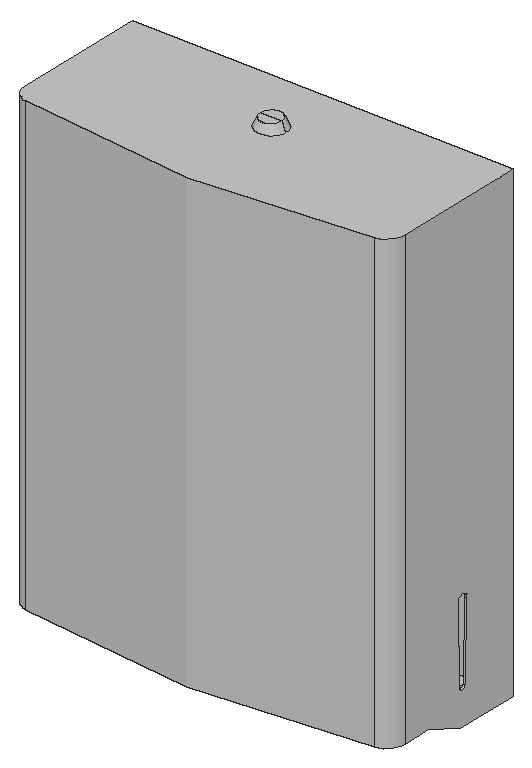
Revit family "Paper Dispenser_Metlam_Vertical_Rounded", category Specialty Equipment, Revit 2016
Family settings
  Part Type = Normal
  Round Connector Dimension = Use Diameter
  OmniClass Number = 23.40.20.21.17
  OmniClass Title = Paper Towel Dispensers, Disposal Units
  Work Plane-Based = No
  Always vertical = Yes
  Cut with Voids When Loaded = No
  Shared = No
  Room Calculation Point = Yes
Parameters (values of type "280w x 125d x 348h (ML725L_AR)")
  URL = "http://www.metlam.com.au/"
  Type Comments = "Paper Towel Dispensers"  # constant formula
  Model = "ML725L_AR"
  Material_ANZRS = z_Metlam_Metal_Stainless Steel_Satin
  Manufacturer_URL__Product Specific = "https://www.metlam.com.au/product/content/paper-towel-dispenser-comb-units/ML725L_AR"
  Manufacturer_Spec Code = Model  # "ML725L_AR"
  Manufacturer_Overall Width = 280 mm  # constant formula
  Manufacturer_Overall Height = 348 mm  # constant formula
  Manufacturer_Overall Depth = 125 mm  # constant formula
  Manufacturer_Height From FFL [instance] = 1000 mm
  Manufacturer = "Metlam"  # constant formula
  Description = "Ellipse Paper Towel Dispenser"  # constant formula
  CreatedBy_ANZRS = "IGS BIM Solutions"  # constant formula
  CreatedByURL_ANZRS = "http://www.igsgroup.com.au/"
  Assembly Code = ""
Reference planes
  plane 1 "Back": y = 0
  plane 2 "Ref. Level": z = 0
  plane 3 "Center (Left/Right)": x = 0
  plane 4 "Bottom": z = 1000
  plane 5 "Left": x = -140
  plane 6 "Front": y = -125
  plane 7 "Top": z = 1348
  plane 8 "Right": x = 140
Forms (mm)
  Extrusion 1, solid, material "z_Metlam_Metal_Stainless Steel_Satin" <- "Material_ANZRS"
    sketch origin (-75, -1524, 1000) x (-1, 0, 0) y (0, -1, 0)
      loop
        line (-215, -1435.858) -> (65, -1435.858) -> (65, -1425.594)
        arc (65, -1425.594) -> (61.726, -1416.465) -> (53.398, -1411.495) r 14.368
        arc (53.398, -1411.495) -> (-74.997, -1399) -> (-203.4, -1411.406) r 668.299
        arc (-203.4, -1411.406) -> (-211.727, -1416.368) -> (-215, -1425.492) r 14.353
        line (-215, -1425.492) -> (-215, -1435.858)
    from 11.998 to 348
  Revolve 2, solid, material "z_Metlam_Metal_Stainless Steel_Satin" <- "Material_ANZRS", detail levels medium+fine
    sketch origin (0, -47.118, 0) x (1, 0, 0) y (0, 0, 1)
      loop
        line (-0.007, 1348) -> (-0.007, 1354) -> (-8.007, 1354) -> (-11.007, 1348) -> (-0.007, 1348)
      axis (-0.007, 1348) -> (-0.007, 1354)
    angle from 0 to 360
  Extrusion 3, solid, material "z_Metlam_Metal_Stainless Steel_Satin" <- "Material_ANZRS"
    sketch origin (0, 0, 0) x (0, 1, 0) y (0, 0, 1)
      loop
        line (-47.26, 1000) -> (0, 1000) -> (0, 1348) -> (-88.142, 1348) -> (-88.142, 1011.998) -> (-77.552, 1011.998) -> (-47.26, 1000)
    from 138.4 to 140
  Extrusion 4, solid, material "z_Metlam_Metal_Stainless Steel_Satin" <- "Material_ANZRS"
    sketch origin (0, 0, 0) x (0, 1, 0) y (0, 0, -1)
      loop
        line (-47.26, -1000) -> (-77.552, -1011.998) -> (-88.142, -1011.998) -> (-88.142, -1348) -> (0, -1348) -> (0, -1000) -> (-47.26, -1000)
    from 138.4 to 140
  Extrusion 5, solid, material "z_Metlam_Metal_Stainless Steel_Satin" <- "Material_ANZRS"
    sketch origin (0, 0, 0) x (1, 0, 0) y (0, 1, 0)
      loop
        line (-140, 0) -> (-140, -1.6) -> (140, -1.6) -> (140, 0) -> (-140, 0)
    from 1000 to 1348
  Extrusion 6, void
    sketch origin (0, 0, 0) x (0, 1, 0) y (0, 0, 1)
      loop
        line (-50.678, 1083.574) -> (-49.173, 1027.035)
        arc (-49.173, 1027.035) -> (-46.183, 1024.123) -> (-43.192, 1027.034) r 2.991
        line (-43.192, 1027.034) -> (-41.673, 1083.573)
        arc (-41.673, 1083.573) -> (-46.175, 1088.198) -> (-50.678, 1083.574) r 4.504
    from -140 to 140
  Extrusion 7, solid, material "z_Metlam_Metal_Stainless Steel_Satin" <- "Material_ANZRS"
    sketch origin (0, 0, 0) x (0, 1, 0) y (0, 0, 1)
      loop
        line (-88.142, 1348) -> (-88.142, 1346.4) -> (0, 1346.4) -> (0, 1348) -> (-88.142, 1348)
      loop
        line (0, 1000) -> (0, 1001.6) -> (-46.954, 1001.6) -> (-77.247, 1013.598) -> (-88.142, 1013.598) -> (-88.142, 1011.998) -> (-77.552, 1011.998) -> (-47.26, 1000) -> (0, 1000)
    from -140 to 140
  Extrusion 8, void
    sketch origin (-75, -1524, 1000) x (0, -1, 0) y (-1, 0, 0)
      loop
        line (-1514, -205.105) -> (-1455.858, -205.105) -> (-1455.858, 55) -> (-1514, 55) -> (-1514, -205.105)
    from 0 to -216.77
Cuts and joins
  Extrusion 6 cuts Extrusion 3
  Extrusion 6 cuts Extrusion 4
  Extrusion 8 cuts Extrusion 7
  joined: Extrusion 1, Extrusion 3, Extrusion 4, Extrusion 5, Extrusion 7
Lines and regions (mm)
  Masking region 1
    outline origin (0, 0, 1348) x (-1, 0, 0) y (0, -1, 0)
      loop
        line (-140, 0) -> (140, 0) -> (140, 100.828)
        arc (140, 100.828) -> (136.12, 108.411) -> (128.625, 112.46) r 14.353
        arc (128.625, 112.46) -> (-0.531, 125) -> (-129.676, 112.344) r 668.299
        arc (-129.676, 112.344) -> (-136.49, 108.15) -> (-140, 100.959) r 14.353
        line (-140, 100.959) -> (-140, 0)
  symbolic lines, style "Bathroom Fixtures", detail levels medium+fine
    curve 1: line (-140, -92, 1348) -> (140, -92, 1348)
    curve 2: circle (-0.007, -47.118, 0) r 8 normal (0, 0, 1)
    curve 3: circle (-0.007, -47.118, 0) r 11 normal (0, 0, -1)
  model lines, style "InvisibleLines"
    curve 4: line (-0.007, 0, 1348) -> (-0.007, 0, 0.005)
Text (mm)
  text "> Contact Manufacturer to confirm feasibility of design variations outside the scope of this Revit Family\n\n\n\nDisclaimer:\n\nDue to ongoing product development and manufacturing evolution, product details are subject to change without notice. Please refer to product technical data sheets on the manufacturer’s website for the most current product information. Please allow a +/- 5mm manufacturing tolerance for dimensions and set-outs shown in product literature." at (288.465, 89.732, 0), in view "Ref. Level_Instruction"
Dimensions and locks
  "Manufacturer_Height From FFL": plane 4 "Bottom" to plane 2 "Ref. Level"
  "Manufacturer_Overall Height": plane 7 "Top" to plane 4 "Bottom"
  "Manufacturer_Overall Depth": plane 6 "Front" to plane 1 "Back"
  "Manufacturer_Overall Width": plane 5 "Left" to plane 8 "Right"
  aligned and locked: level to plane 2 "Ref. Level"
  aligned and locked: Masking region 1 sketch curve to plane 1 "Back"
  aligned and locked: Extrusion 5 sketch curve to Extrusion 4
  aligned and locked: plane 7 "Top" to Extrusion 1
  aligned and locked: plane 7 "Top" to Extrusion 5
  aligned and locked: Extrusion 5 to plane 4 "Bottom"
  aligned and locked: Extrusion 8 to plane 4 "Bottom"
Automatic sketch dimensions
  Extrusion 1 sketch curve to plane 8 "Right" = 0 mm
  Extrusion 1 sketch curve to plane 5 "Left" = 0 mm
  Extrusion 1 sketch curve to Extrusion 1 sketch curve = 14.353 mm
  plane 3 "Center (Left/Right)" to Extrusion 1 sketch curve = 0.23 mm
  plane 5 "Left" to Extrusion 1 sketch curve = 14.368 mm
  Extrusion 1 sketch curve to plane 1 "Back" = 543.298 mm
  Extrusion 1 sketch curve to plane 6 "Front" = 36.858 mm
  Extrusion 1 sketch curve to Extrusion 1 sketch curve = 10.264 mm
  Extrusion 1 sketch curve to Extrusion 1 sketch curve = 10.366 mm
  Extrusion 1 sketch curve to Extrusion 1 sketch curve = 0 mm
  Extrusion 3 sketch curve to plane 7 "Top" = 0 mm
  Extrusion 3 sketch curve to plane 4 "Bottom" = 0 mm
  Extrusion 3 sketch curve to plane 1 "Back" = 0 mm
  plane 1 "Back" to Extrusion 3 sketch curve = 47.26 mm
  plane 4 "Bottom" to Extrusion 3 sketch curve = 11.998 mm
  Extrusion 3 sketch curve to Extrusion 3 sketch curve = 30.292 mm
  Extrusion 3 sketch curve to plane 6 "Front" = 36.858 mm
  Extrusion 4 sketch curve to plane 7 "Top" = 0 mm
  Extrusion 4 sketch curve to plane 4 "Bottom" = 0 mm
  Extrusion 4 sketch curve to plane 1 "Back" = 0 mm
  plane 1 "Back" to Extrusion 4 sketch curve = 47.26 mm
  plane 4 "Bottom" to Extrusion 4 sketch curve = 11.998 mm
  Extrusion 4 sketch curve to Extrusion 4 sketch curve = 30.292 mm
  Extrusion 4 sketch curve to plane 6 "Front" = 36.858 mm
  Extrusion 5 sketch curve to plane 8 "Right" = 0 mm
  plane 1 "Back" to Extrusion 5 sketch curve = 0 mm
  Extrusion 5 sketch curve to Extrusion 5 sketch curve = 1.6 mm
  plane 1 "Back" to Extrusion 6 sketch curve = 50.678 mm
  plane 1 "Back" to Extrusion 6 sketch curve = 49.173 mm
  Extrusion 6 sketch curve to Extrusion 6 sketch curve = 2.99 mm  (x2)
  Extrusion 6 sketch curve to Extrusion 6 sketch curve = 4.503 mm  (x2)
  plane 4 "Bottom" to Extrusion 6 sketch curve = 27.034 mm
  Extrusion 6 sketch curve to Extrusion 6 sketch curve = 0.001 mm  (x2)
  Extrusion 6 sketch curve to Extrusion 6 sketch curve = 56.539 mm
  Extrusion 7 sketch curve to plane 7 "Top" = 0 mm
  Extrusion 7 sketch curve to plane 4 "Bottom" = 0 mm
  Extrusion 7 sketch curve to plane 1 "Back" = 0 mm  (x2)
  plane 4 "Bottom" to Extrusion 7 sketch curve = 1.6 mm
  plane 1 "Back" to Extrusion 7 sketch curve = 46.954 mm
  Extrusion 7 sketch curve to Extrusion 7 sketch curve = 0.305 mm  (x2)
  plane 4 "Bottom" to Extrusion 7 sketch curve = 13.598 mm
  Extrusion 7 sketch curve to Extrusion 7 sketch curve = 30.292 mm
  Extrusion 7 sketch curve to Extrusion 7 sketch curve = 10.589 mm
  Extrusion 7 sketch curve to plane 7 "Top" = 1.6 mm
  Extrusion 7 sketch curve to plane 6 "Front" = 36.858 mm
  Extrusion 7 sketch curve to Extrusion 7 sketch curve = 1.6 mm
  plane 1 "Back" to Extrusion 8 sketch curve = 10 mm
  plane 8 "Right" to Extrusion 8 sketch curve = 9.895 mm
  Extrusion 8 sketch curve to plane 6 "Front" = 56.858 mm
  plane 5 "Left" to Extrusion 8 sketch curve = 10 mm
  curve 1 to plane 8 "Right" = 0 mm
  curve 1 to plane 5 "Left" = 0 mm
  curve 1 to plane 6 "Front" = 33 mm
  Masking region 1 sketch curve to plane 8 "Right" = 0 mm
  Masking region 1 sketch curve to plane 5 "Left" = 0 mm
  plane 8 "Right" to Masking region 1 sketch curve = 14.142 mm
  plane 3 "Center (Left/Right)" to Masking region 1 sketch curve = 0.23 mm
  plane 5 "Left" to Masking region 1 sketch curve = 14.142 mm
  Masking region 1 sketch curve to plane 1 "Back" = 543.299 mm
  Masking region 1 sketch curve to plane 6 "Front" = 26.624 mm
  Masking region 1 sketch curve to plane 6 "Front" = 26.492 mm
  Masking region 1 sketch curve to Masking region 1 sketch curve = 2.452 mm
  Masking region 1 sketch curve to Masking region 1 sketch curve = 2.451 mm
  plane 8 "Right" to Masking region 1 sketch curve = 10.324 mm
  Revolve 2 sketch curve to plane 7 "Top" = 0 mm  (x2)
  Revolve 2 sketch curve to plane 3 "Center (Left/Right)" = 0.007 mm
  Revolve 2 sketch curve to Revolve 2 sketch curve = 6 mm
  Revolve 2 sketch curve to Revolve 2 sketch curve = 8 mm
  Revolve 2 sketch curve to Revolve 2 sketch curve = 3 mm
  Revolve 2 sketch curve to Revolve 2 sketch curve = 0 mm
  Revolve 2 sketch curve to Revolve 2 sketch curve = 1.022 mm
  curve 2 to curve 3 = 0 mm  (x2)
  curve 3 to plane 3 "Center (Left/Right)" = 0.007 mm
  plane 1 "Back" to curve 3 = 47.118 mm
  curve 4 to plane 7 "Top" = 0 mm
  curve 4 to plane 3 "Center (Left/Right)" = 0.007 mm
  level to curve 4 = 0.005 mm
  radius of curve 2 = 8 mm
  radius of curve 3 = 11 mm
